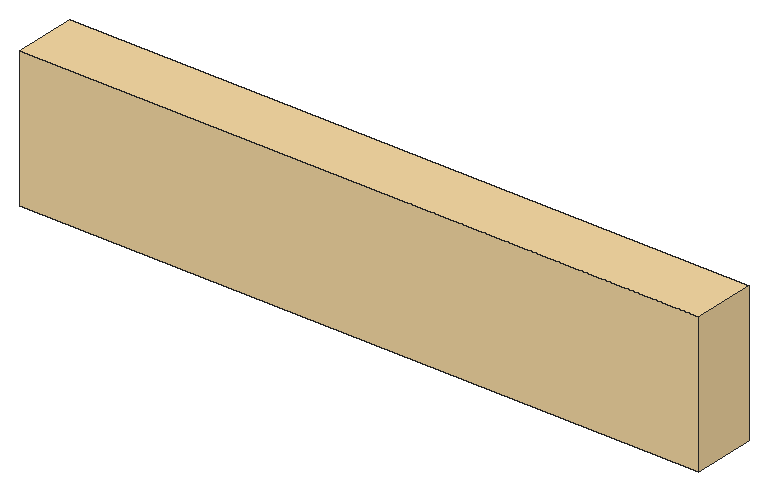
Revit family "横板_长44cm", category 家具, Revit 2019
Family settings
  OmniClass 编号 = 23.40.20.00
  OmniClass 标题 = General Furniture and Specialties
  基于工作平面 = 否
  总是垂直 = 是
  加载时剪切的空心 = 否
  共享 = 否
  房间计算点 = 否
Parameters (values of type "白橡木")
  高度 = 90 mm
  长度 = 440 mm
  说明 = "承重6kg"
  材质 = 橡木_白色_树脂涂装
  成本 = 150
  宽度 = 40 mm
  型号 = "37287389"
  制造商 = "MUJI"
Types (3, lengths in mm): name | 材质 | 成本 | 型号
  (no name) | 橡木_白色_树脂涂装 | 150 | "37287389"
  白橡木 | 橡木_白色_树脂涂装 | 150 | "37287389"
  黑胡桃木 | 胡桃木_黑色_树脂涂装 | 180 | "37287471"
Reference planes
  plane 1 "中心(前/后)": y = 0
  plane 2: z = 0
  plane 3 "中心(左/右)": x = 0
  plane 4: x = 440
  plane 5: y = -40
  plane 6: z = -90
Forms (mm)
  Extrusion 1, solid, material "橡木_白色_树脂涂装" <- "材质"
    sketch origin (0, 0, 0) x (0, 1, 0) y (0, 0, 1)
      loop
        line (-40, 0) -> (-40, -90) -> (0, -90) -> (0, 0) -> (-40, 0)
    from 0 to 440
Dimensions and locks
  "长度": plane 4 to plane 3 "中心(左/右)"
  "宽度": plane 5 to plane 1 "中心(前/后)"
  "高度": plane 2 to plane 6
  aligned and locked: level to plane 2
  aligned and locked: plane 1 "中心(前/后)" to Extrusion 1 sketch curve
  aligned and locked: Extrusion 1 sketch curve to plane 2
  aligned and locked: plane 5 to Extrusion 1 sketch curve
  aligned and locked: plane 6 to Extrusion 1 sketch curve
  aligned and locked: plane 4 to Extrusion 1
  aligned and locked: Extrusion 1 to plane 3 "中心(左/右)"
